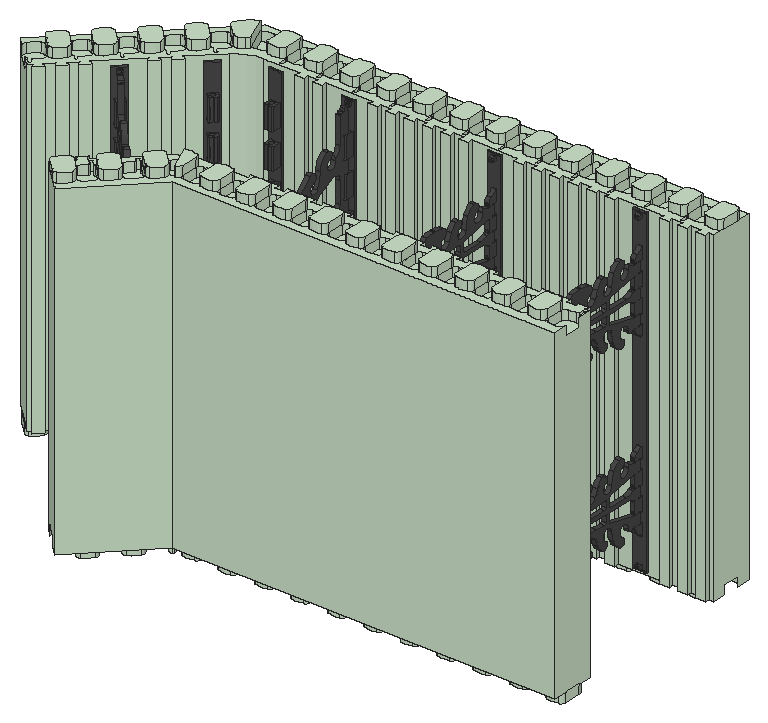
Revit family (continued)
Definition of nested family "NUDURA Diamond Pattern Missing Two Lines"
  Lines and regions (in)
    model lines
      curve 37: arc (3.35367, -5.625, 14.51517) -> (3.24384, -5.625, 14.25) -> (3.35367, -5.625, 13.98484) r 0.375
      curve 38: line (3.69709, -5.625, 14.85858) -> (3.35367, -5.625, 14.51517)
      curve 39: arc (4.17062, -5.625, 14.80178) -> (3.99384, -5.625, 14.875) -> (3.81706, -5.625, 14.80178) r 0.25
      curve 40: line (3.81706, -5.625, 14.80178) -> (3.44206, -5.625, 14.42678)
      curve 41: arc (3.44206, -5.625, 14.42678) -> (3.36884, -5.625, 14.25) -> (3.44206, -5.625, 14.07322) r 0.25
      curve 42: line (3.44206, -5.625, 14.07322) -> (3.81706, -5.625, 13.69822)
      curve 43: arc (3.81706, -5.625, 13.69822) -> (3.99384, -5.625, 13.625) -> (4.17062, -5.625, 13.69822) r 0.25
      curve 44: line (4.17062, -5.625, 13.69822) -> (4.54562, -5.625, 14.07322)
      curve 45: arc (4.54562, -5.625, 14.07322) -> (4.61884, -5.625, 14.25) -> (4.54562, -5.625, 14.42678) r 0.25
      curve 46: line (4.54562, -5.625, 14.42678) -> (4.17062, -5.625, 14.80178)
      curve 47: arc (3.69709, -5.625, 13.35858) -> (3.75567, -5.625, 13.5) -> (3.69709, -5.625, 13.64142) r 0.2
      curve 48: line (4.634, -5.625, 13.01517) -> (4.29059, -5.625, 13.35858)
      curve 49: arc (4.634, -5.625, 12.48484) -> (4.74384, -5.625, 12.75) -> (4.634, -5.625, 13.01517) r 0.375
      curve 50: line (4.29059, -5.625, 12.14142) -> (4.634, -5.625, 12.48484)
      curve 51: line (3.35367, -5.625, 12.48484) -> (3.69709, -5.625, 12.14142)
      curve 52: arc (3.35367, -5.625, 13.01517) -> (3.24384, -5.625, 12.75) -> (3.35367, -5.625, 12.48484) r 0.375
      curve 53: line (3.69709, -5.625, 13.35858) -> (3.35367, -5.625, 13.01517)
      curve 54: arc (4.17062, -5.625, 13.30178) -> (3.99384, -5.625, 13.375) -> (3.81706, -5.625, 13.30178) r 0.25
      curve 55: line (3.81706, -5.625, 13.30178) -> (3.44206, -5.625, 12.92678)
      curve 56: arc (3.44206, -5.625, 12.92678) -> (3.36884, -5.625, 12.75) -> (3.44206, -5.625, 12.57322) r 0.25
      curve 57: line (3.44206, -5.625, 12.57322) -> (3.81706, -5.625, 12.19822)
      curve 58: arc (3.81706, -5.625, 12.19822) -> (3.99384, -5.625, 12.125) -> (4.17062, -5.625, 12.19822) r 0.25
      curve 59: line (4.17062, -5.625, 12.19822) -> (4.54562, -5.625, 12.57322)
      curve 60: arc (4.54562, -5.625, 12.57322) -> (4.61884, -5.625, 12.75) -> (4.54562, -5.625, 12.92678) r 0.25
      curve 61: line (4.54562, -5.625, 12.92678) -> (4.17062, -5.625, 13.30178)
      curve 62: arc (3.69709, -5.625, 11.85858) -> (3.75567, -5.625, 12) -> (3.69709, -5.625, 12.14142) r 0.2
      curve 63: line (4.634, -5.625, 11.51517) -> (4.29059, -5.625, 11.85858)
      curve 64: arc (4.634, -5.625, 10.98484) -> (4.74384, -5.625, 11.25) -> (4.634, -5.625, 11.51517) r 0.375
      curve 65: line (4.29059, -5.625, 10.64142) -> (4.634, -5.625, 10.98484)
      curve 66: line (3.35367, -5.625, 10.98484) -> (3.69709, -5.625, 10.64142)
      curve 67: arc (3.35367, -5.625, 11.51517) -> (3.24384, -5.625, 11.25) -> (3.35367, -5.625, 10.98484) r 0.375
      curve 68: line (3.69709, -5.625, 11.85858) -> (3.35367, -5.625, 11.51517)
      curve 69: arc (4.17062, -5.625, 11.80178) -> (3.99384, -5.625, 11.875) -> (3.81706, -5.625, 11.80178) r 0.25
      curve 70: line (3.81706, -5.625, 11.80178) -> (3.44206, -5.625, 11.42678)
      curve 71: arc (3.44206, -5.625, 11.42678) -> (3.36884, -5.625, 11.25) -> (3.44206, -5.625, 11.07322) r 0.25
      curve 72: line (3.44206, -5.625, 11.07322) -> (3.81706, -5.625, 10.69822)
      curve 73: arc (3.81706, -5.625, 10.69822) -> (3.99384, -5.625, 10.625) -> (4.17062, -5.625, 10.69822) r 0.25
      curve 74: line (4.17062, -5.625, 10.69822) -> (4.54562, -5.625, 11.07322)
      curve 75: arc (4.54562, -5.625, 11.07322) -> (4.61884, -5.625, 11.25) -> (4.54562, -5.625, 11.42678) r 0.25
      curve 76: line (4.54562, -5.625, 11.42678) -> (4.17062, -5.625, 11.80178)
      curve 77: arc (3.69709, -5.625, 10.35858) -> (3.75567, -5.625, 10.5) -> (3.69709, -5.625, 10.64142) r 0.2
      curve 78: line (4.634, -5.625, 10.01517) -> (4.29059, -5.625, 10.35858)
      curve 79: arc (4.634, -5.625, 9.48484) -> (4.74384, -5.625, 9.75) -> (4.634, -5.625, 10.01517) r 0.375
      curve 80: line (4.29059, -5.625, 9.14142) -> (4.634, -5.625, 9.48484)
      curve 81: line (3.35367, -5.625, 9.48484) -> (3.69709, -5.625, 9.14142)
      curve 82: arc (3.35367, -5.625, 10.01517) -> (3.24384, -5.625, 9.75) -> (3.35367, -5.625, 9.48484) r 0.375
      curve 83: line (3.69709, -5.625, 10.35858) -> (3.35367, -5.625, 10.01517)
      curve 84: arc (4.17062, -5.625, 10.30178) -> (3.99384, -5.625, 10.375) -> (3.81706, -5.625, 10.30178) r 0.25
      curve 85: line (3.81706, -5.625, 10.30178) -> (3.44206, -5.625, 9.92678)
      curve 86: arc (3.44206, -5.625, 9.92678) -> (3.36884, -5.625, 9.75) -> (3.44206, -5.625, 9.57322) r 0.25
      curve 87: line (3.44206, -5.625, 9.57322) -> (3.81706, -5.625, 9.19822)
      curve 88: arc (3.81706, -5.625, 9.19822) -> (3.99384, -5.625, 9.125) -> (4.17062, -5.625, 9.19822) r 0.25
      curve 89: line (4.17062, -5.625, 9.19822) -> (4.54562, -5.625, 9.57322)
      curve 90: arc (4.54562, -5.625, 9.57322) -> (4.61884, -5.625, 9.75) -> (4.54562, -5.625, 9.92678) r 0.25
      curve 91: line (4.54562, -5.625, 9.92678) -> (4.17062, -5.625, 10.30178)
      curve 92: arc (3.69709, -5.625, 8.85858) -> (3.75567, -5.625, 9) -> (3.69709, -5.625, 9.14142) r 0.2
      curve 93: line (4.634, -5.625, 8.51517) -> (4.29059, -5.625, 8.85858)
      curve 94: arc (4.634, -5.625, 7.98484) -> (4.74384, -5.625, 8.25) -> (4.634, -5.625, 8.51517) r 0.375
      curve 95: line (4.29059, -5.625, 7.64142) -> (4.634, -5.625, 7.98484)
      curve 96: line (3.35367, -5.625, 7.98484) -> (3.69709, -5.625, 7.64142)
      curve 97: arc (3.35367, -5.625, 8.51517) -> (3.24384, -5.625, 8.25) -> (3.35367, -5.625, 7.98484) r 0.375
      curve 98: line (3.69709, -5.625, 8.85858) -> (3.35367, -5.625, 8.51517)
      curve 99: arc (4.17062, -5.625, 8.80178) -> (3.99384, -5.625, 8.875) -> (3.81706, -5.625, 8.80178) r 0.25
      curve 100: line (3.81706, -5.625, 8.80178) -> (3.44206, -5.625, 8.42678)
      curve 101: arc (3.44206, -5.625, 8.42678) -> (3.36884, -5.625, 8.25) -> (3.44206, -5.625, 8.07322) r 0.25
      curve 102: line (3.44206, -5.625, 8.07322) -> (3.81706, -5.625, 7.69822)
      curve 103: arc (3.81706, -5.625, 7.69822) -> (3.99384, -5.625, 7.625) -> (4.17062, -5.625, 7.69822) r 0.25
      curve 104: line (4.17062, -5.625, 7.69822) -> (4.54562, -5.625, 8.07322)
      curve 105: arc (4.54562, -5.625, 8.07322) -> (4.61884, -5.625, 8.25) -> (4.54562, -5.625, 8.42678) r 0.25
      curve 106: line (4.54562, -5.625, 8.42678) -> (4.17062, -5.625, 8.80178)
      curve 107: arc (3.69709, -5.625, 7.35858) -> (3.75567, -5.625, 7.5) -> (3.69709, -5.625, 7.64142) r 0.2
      curve 108: line (4.634, -5.625, 7.01517) -> (4.29059, -5.625, 7.35858)
      curve 109: arc (4.634, -5.625, 6.48484) -> (4.74384, -5.625, 6.75) -> (4.634, -5.625, 7.01517) r 0.375
      curve 110: line (4.29059, -5.625, 6.14142) -> (4.634, -5.625, 6.48484)
      curve 111: line (3.35367, -5.625, 6.48484) -> (3.69709, -5.625, 6.14142)
      curve 112: arc (3.35367, -5.625, 7.01517) -> (3.24384, -5.625, 6.75) -> (3.35367, -5.625, 6.48484) r 0.375
      curve 113: line (3.69709, -5.625, 7.35858) -> (3.35367, -5.625, 7.01517)
      curve 114: arc (4.17062, -5.625, 7.30178) -> (3.99384, -5.625, 7.375) -> (3.81706, -5.625, 7.30178) r 0.25
      curve 115: line (3.81706, -5.625, 7.30178) -> (3.44206, -5.625, 6.92678)
      curve 116: arc (3.44206, -5.625, 6.92678) -> (3.36884, -5.625, 6.75) -> (3.44206, -5.625, 6.57322) r 0.25
      curve 117: line (3.44206, -5.625, 6.57322) -> (3.81706, -5.625, 6.19822)
      curve 118: arc (3.81706, -5.625, 6.19822) -> (3.99384, -5.625, 6.125) -> (4.17062, -5.625, 6.19822) r 0.25
      curve 119: line (4.17062, -5.625, 6.19822) -> (4.54562, -5.625, 6.57322)
      curve 120: arc (4.54562, -5.625, 6.57322) -> (4.61884, -5.625, 6.75) -> (4.54562, -5.625, 6.92678) r 0.25
      curve 121: line (4.54562, -5.625, 6.92678) -> (4.17062, -5.625, 7.30178)
      curve 122: arc (3.69709, -5.625, 5.85858) -> (3.75567, -5.625, 6) -> (3.69709, -5.625, 6.14142) r 0.2
      curve 123: line (4.634, -5.625, 5.51517) -> (4.29059, -5.625, 5.85858)
      curve 124: arc (4.634, -5.625, 4.98484) -> (4.74384, -5.625, 5.25) -> (4.634, -5.625, 5.51517) r 0.375
      curve 125: line (4.29059, -5.625, 4.64142) -> (4.634, -5.625, 4.98484)
      curve 126: line (3.35367, -5.625, 4.98484) -> (3.69709, -5.625, 4.64142)
      curve 127: arc (3.35367, -5.625, 5.51517) -> (3.24384, -5.625, 5.25) -> (3.35367, -5.625, 4.98484) r 0.375
      curve 128: line (3.69709, -5.625, 5.85858) -> (3.35367, -5.625, 5.51517)
      curve 129: arc (4.17062, -5.625, 5.80178) -> (3.99384, -5.625, 5.875) -> (3.81706, -5.625, 5.80178) r 0.25
      curve 130: line (3.81706, -5.625, 5.80178) -> (3.44206, -5.625, 5.42678)
      curve 131: arc (3.44206, -5.625, 5.42678) -> (3.36884, -5.625, 5.25) -> (3.44206, -5.625, 5.07322) r 0.25
      curve 132: line (3.44206, -5.625, 5.07322) -> (3.81706, -5.625, 4.69822)
      curve 133: arc (3.81706, -5.625, 4.69822) -> (3.99384, -5.625, 4.625) -> (4.17062, -5.625, 4.69822) r 0.25
      curve 134: line (4.17062, -5.625, 4.69822) -> (4.54562, -5.625, 5.07322)
      curve 135: arc (4.54562, -5.625, 5.07322) -> (4.61884, -5.625, 5.25) -> (4.54562, -5.625, 5.42678) r 0.25
      curve 136: line (4.54562, -5.625, 5.42678) -> (4.17062, -5.625, 5.80178)
      curve 137: arc (3.69709, -5.625, 4.35858) -> (3.75567, -5.625, 4.5) -> (3.69709, -5.625, 4.64142) r 0.2
      curve 138: line (4.634, -5.625, 4.01517) -> (4.29059, -5.625, 4.35858)
      curve 139: arc (4.634, -5.625, 3.48484) -> (4.74384, -5.625, 3.75) -> (4.634, -5.625, 4.01517) r 0.375
      curve 140: line (4.29059, -5.625, 3.14142) -> (4.634, -5.625, 3.48484)
      curve 141: line (3.35367, -5.625, 3.48484) -> (3.69709, -5.625, 3.14142)
      curve 142: arc (3.35367, -5.625, 4.01517) -> (3.24384, -5.625, 3.75) -> (3.35367, -5.625, 3.48484) r 0.375
      curve 143: line (3.69709, -5.625, 4.35858) -> (3.35367, -5.625, 4.01517)
      curve 144: arc (4.17062, -5.625, 4.30178) -> (3.99384, -5.625, 4.375) -> (3.81706, -5.625, 4.30178) r 0.25
      curve 145: line (3.81706, -5.625, 4.30178) -> (3.44206, -5.625, 3.92678)
      curve 146: arc (3.44206, -5.625, 3.92678) -> (3.36884, -5.625, 3.75) -> (3.44206, -5.625, 3.57322) r 0.25
      curve 147: line (3.44206, -5.625, 3.57322) -> (3.81706, -5.625, 3.19822)
      curve 148: arc (3.81706, -5.625, 3.19822) -> (3.99384, -5.625, 3.125) -> (4.17062, -5.625, 3.19822) r 0.25
      curve 149: line (4.17062, -5.625, 3.19822) -> (4.54562, -5.625, 3.57322)
      curve 150: arc (4.54562, -5.625, 3.57322) -> (4.61884, -5.625, 3.75) -> (4.54562, -5.625, 3.92678) r 0.25
      curve 151: line (4.54562, -5.625, 3.92678) -> (4.17062, -5.625, 4.30178)
      curve 152: arc (3.69709, -5.625, 2.85858) -> (3.75567, -5.625, 3) -> (3.69709, -5.625, 3.14142) r 0.2
      curve 153: line (4.634, -5.625, 2.51517) -> (4.29059, -5.625, 2.85858)
      curve 154: arc (4.634, -5.625, 1.98484) -> (4.74384, -5.625, 2.25) -> (4.634, -5.625, 2.51517) r 0.375
      curve 155: line (4.29059, -5.625, 1.64142) -> (4.634, -5.625, 1.98484)
      curve 156: line (3.35367, -5.625, 1.98484) -> (3.69709, -5.625, 1.64142)
      curve 157: arc (3.35367, -5.625, 2.51517) -> (3.24384, -5.625, 2.25) -> (3.35367, -5.625, 1.98484) r 0.375
      curve 158: line (3.69709, -5.625, 2.85858) -> (3.35367, -5.625, 2.51517)
      curve 159: arc (4.17062, -5.625, 2.80178) -> (3.99384, -5.625, 2.875) -> (3.81706, -5.625, 2.80178) r 0.25
      curve 160: line (3.81706, -5.625, 2.80178) -> (3.44206, -5.625, 2.42678)
      curve 161: arc (3.44206, -5.625, 2.42678) -> (3.36884, -5.625, 2.25) -> (3.44206, -5.625, 2.07322) r 0.25
      curve 162: line (3.44206, -5.625, 2.07322) -> (3.81706, -5.625, 1.69822)
      curve 163: arc (3.81706, -5.625, 1.69822) -> (3.99384, -5.625, 1.625) -> (4.17062, -5.625, 1.69822) r 0.25
      curve 164: line (4.17062, -5.625, 1.69822) -> (4.54562, -5.625, 2.07322)
      curve 165: arc (4.54562, -5.625, 2.07322) -> (4.61884, -5.625, 2.25) -> (4.54562, -5.625, 2.42678) r 0.25
      curve 166: line (4.54562, -5.625, 2.42678) -> (4.17062, -5.625, 2.80178)
      curve 167: arc (3.69709, -5.625, 1.35858) -> (3.75567, -5.625, 1.5) -> (3.69709, -5.625, 1.64142) r 0.2
      curve 168: line (3.69709, -5.625, 1.35858) -> (3.35367, -5.625, 1.01517)
      curve 169: arc (3.35367, -5.625, 1.01517) -> (3.24384, -5.625, 0.75) -> (3.35367, -5.625, 0.48484) r 0.375
      curve 170: line (3.35367, -5.625, 0.48484) -> (3.72867, -5.625, 0.10984)
      curve 171: arc (3.72867, -5.625, 0.10984) -> (3.99384, -5.625, 0) -> (4.259, -5.625, 0.10984) r 0.375
      curve 172: line (4.259, -5.625, 0.10984) -> (4.634, -5.625, 0.48484)
      curve 173: arc (4.634, -5.625, 0.48484) -> (4.74384, -5.625, 0.75) -> (4.634, -5.625, 1.01517) r 0.375
      curve 174: line (4.634, -5.625, 1.01517) -> (4.29059, -5.625, 1.35858)
      curve 175: arc (4.29059, -5.625, 1.64142) -> (4.23201, -5.625, 1.5) -> (4.29059, -5.625, 1.35858) r 0.2
      curve 176: arc (4.17062, -5.625, 1.30178) -> (3.99384, -5.625, 1.375) -> (3.81706, -5.625, 1.30178) r 0.25
      curve 177: line (4.54562, -5.625, 0.92678) -> (4.17062, -5.625, 1.30178)
      curve 178: arc (4.54562, -5.625, 0.57322) -> (4.61884, -5.625, 0.75) -> (4.54562, -5.625, 0.92678) r 0.25
      curve 179: line (4.17062, -5.625, 0.19822) -> (4.54562, -5.625, 0.57322)
      curve 180: arc (3.81706, -5.625, 0.19822) -> (3.99384, -5.625, 0.125) -> (4.17062, -5.625, 0.19822) r 0.25
      curve 181: line (3.44206, -5.625, 0.57322) -> (3.81706, -5.625, 0.19822)
      curve 182: arc (3.44206, -5.625, 0.92678) -> (3.36884, -5.625, 0.75) -> (3.44206, -5.625, 0.57322) r 0.25
      curve 183: line (3.81706, -5.625, 1.30178) -> (3.44206, -5.625, 0.92678)
      curve 184: arc (4.29059, -5.625, 3.14142) -> (4.23201, -5.625, 3) -> (4.29059, -5.625, 2.85858) r 0.2
      curve 185: arc (4.29059, -5.625, 4.64142) -> (4.23201, -5.625, 4.5) -> (4.29059, -5.625, 4.35858) r 0.2
      curve 186: arc (4.29059, -5.625, 6.14142) -> (4.23201, -5.625, 6) -> (4.29059, -5.625, 5.85858) r 0.2
      curve 187: arc (4.29059, -5.625, 7.64142) -> (4.23201, -5.625, 7.5) -> (4.29059, -5.625, 7.35858) r 0.2
      curve 188: arc (4.29059, -5.625, 9.14142) -> (4.23201, -5.625, 9) -> (4.29059, -5.625, 8.85858) r 0.2
      curve 189: arc (4.29059, -5.625, 10.64142) -> (4.23201, -5.625, 10.5) -> (4.29059, -5.625, 10.35858) r 0.2
      curve 190: arc (4.29059, -5.625, 12.14142) -> (4.23201, -5.625, 12) -> (4.29059, -5.625, 11.85858) r 0.2
      curve 191: arc (4.29059, -5.625, 13.64142) -> (4.23201, -5.625, 13.5) -> (4.29059, -5.625, 13.35858) r 0.2
      curve 192: arc (4.29059, -5.625, 15.14142) -> (4.23201, -5.625, 15) -> (4.29059, -5.625, 14.85858) r 0.2
      curve 193: arc (4.29059, -5.625, 16.64142) -> (4.23201, -5.625, 16.5) -> (4.29059, -5.625, 16.35858) r 0.2
